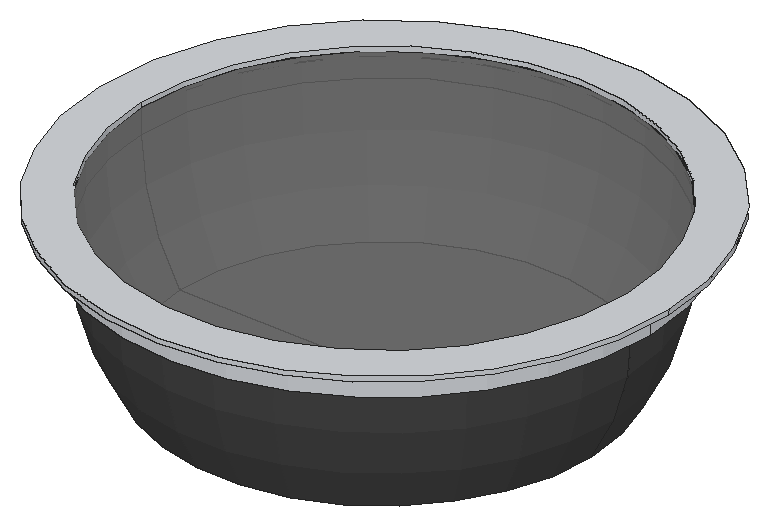
Revit family "3031856 Lighting Fixture_Sylvania_Syl-Lighter II_Ceiling Recessed", category Lighting Fixtures, host Face, Revit 2017
Family settings
  Host = Face
  Round Connector Dimension = Use Diameter
  Part Type = Normal
  OmniClass Number = 23.80.70.11.17
  OmniClass Title = Specialized Lighting by Location or Use
  Cut with Voids When Loaded = No
  Light Source = Yes
  Shared = No
  Room Calculation Point = No
Parameters (values of type "Syl-Lighter LED II 240 RO 25W WW 1-10V")
  Weight = 0.60 kg
  Wattage = 25.2349 W
  built-in parameter 1150110 = 1 (stored number, unit not read)
  Voltage Comments = "UNV (Universal Voltage; 220-240 Volt)"  # constant formula
  Voltage = 240 V  # constant formula
  URL = "http://www.sylvania-lighting.com"
  built-in parameter 1114217 = 1 (stored number, unit not read)
  Tilt Angle = -90.00°  # constant formula
  built-in parameter 1150109 = 1 (stored number, unit not read)
  built-in parameter 1150134 = (empty or 0)
  Ta Rating = "-10°C to +40°C"  # constant formula
  built-in parameter 1150113 = 1 (stored number, unit not read)
  Recessed Depth = Height  # 65.0 mm
  IP Rating = "IP44"  # constant formula
  IK Rating = "IK07"  # constant formula
  Energy Class = "A++, A+, A"  # constant formula
  Dimmable = "DALI"  # constant formula
  Catalog Number = "3031856 Syl-Lighter LED II 240 RO 25W WW 1-10V"
  Body Material = Metal_Sylvania_Syl-Lighter LED II_Silver
  Product Page URL = "http://www.sylvania-lighting.com/product/en-int/products/3031856"
  Product Family = "SYL-LIGHTER LED II"  # constant formula
  Photometry Comments = ""
  Photometric Web File = "3031856.ies"
  built-in parameter 1150105 = 190.19 (stored number, unit not read)
  Lumens = 2390 lm
  built-in parameter 1150115 = 1 (stored number, unit not read)
  built-in parameter 1150137 = (empty or 0)
  built-in parameter 1150139 = (empty or 0)
  Life = "50 000h"  # constant formula
  built-in parameter 1150112 = 1 (stored number, unit not read)
  built-in parameter 1150114 = 1 (stored number, unit not read)
  Lamp Comments = "Integrated LED"
  built-in parameter 1150132 = 2
  built-in parameter 1150102 = (empty or 0)
  built-in parameter 1150107 = 3000 (stored number, unit not read)
  built-in parameter 1150138 = (empty or 0)
  built-in parameter 1150106 = 1.9019 (stored number, unit not read)
  Glow Wire Test = 650 °C  # constant formula
  Emit from Circle Diameter = Diffuser Diameter  # 205.0 mm
  Emit Shape Visible in Rendering = no
  built-in parameter 1150104 = 8.7988 (stored number, unit not read)
  Drive Current = "600mA"
  Dimming Lamp Color Temperature Shift = <None>
  Diffuser Radius = Diffuser Diameter / 2  # 102.5 mm
  Diffuser Diameter = Diameter - 20.0 mm  # 205.0 mm
  Inner Diameter = Diameter - 4.0 mm  # 221.0 mm
  Cutout Diameter = Diameter  # 225.0 mm
  Color Filter = 16777215
  Beam Angle = 74.00°
  built-in parameter 1114218 = 1 (stored number, unit not read)
  built-in parameter 1150133 = 10 (stored number, unit not read)
  Height = 65.0 mm
  Electrical Protection = "CLASS II"  # constant formula
  built-in parameter 1114216 [instance] = 1 (stored number, unit not read)
  Model = "Syl-Lighter LED II 240 RO 25W WW 1-10V"
  Manufacturer = "Feilo Sylvania"  # constant formula
  Lamp = "LED"
  Diffuser Material = Polycarbonate_Sylvania_Syl-Lighter LED II_Opal
  Description = "Ceiling recessed IP44 LED downlight, perfect where limited ceiling void is available with only 65mm product depth and 205mm cutout. Ideal replacement for 2x26W CFL downlights. The polycarbonate diffuser allows for a wider light distribution and increased spacings between luminiares. Loop in loop out connector allows for quick installation. Die-cast aluminium body, 2390LM, 25W, 96lm/W, 4000K, Driver Current: 600mA, CRI80, 74° beam angle, 1-10V dimmable LED driver, IP44, IK07, 50,000 hrs (L70), (HxW) 65x225mm, 5 step MacAdam ellipse, 0.65kg, RAL9003, Class 2, 220-240V, energy class: A++, A+, A"  # constant formula
  Default Elevation = 0.0 mm
  built-in parameter 1140040 [instance] = 1
  Assembly Code = "D5020200"
  Apparent Load Comments = ""
  Apparent Load = 25 VA
  Accessory Radius = Accessory Diameter / 2  # 120.0 mm
  Accessory Material = Aluminum_Sylvania_Syl-Lighter LED II_White_RAL 9003
  Diameter = 225.0 mm
  Accessory Diameter = 240.0 mm
Reference planes
  plane 1 "Center (Front/Back)": y = 0
  plane 2: z = 0
  plane 3 "Center (Left/Right)": x = 0
  plane 4 "Fixture Bottom": z = 2
  plane 5: z = -10
  plane 6 "Fixture Top": z = -65
  plane 7: z = -2
Forms (mm)
  Extrusion 1, void
    sketch origin (0, 0, 58) x (-1, 0, 0) y (0, -1, 0)
      loop
        circle (0, 0) r 112.5
    from -171 to -55
  Extrusion 2, solid, detail levels fine
    sketch origin (0, 0, 58) x (-1, 0, 0) y (0, -1, 0)
      loop
        circle (0, 0) r 112.5
      loop
        circle (0, 0) r 110.5
    from -68 to -58
  Extrusion 3, solid, detail levels fine
    sketch origin (0, 0, 58) x (-1, 0, 0) y (0, -1, 0)
      loop
        circle (0, 0) r 120
      loop
        circle (0, 0) r 102.5
    from -58 to -56
  Extrusion 4, solid, material "Polycarbonate_Sylvania_Syl-Lighter LED II_Opal" <- "Diffuser Material", detail levels fine
    sketch origin (0, 0, 58) x (-1, 0, 0) y (0, -1, 0)
      loop
        circle (0, 0) r 102.5
    from -60 to -58
  Revolve 5, solid, material "Metal_Sylvania_Syl-Lighter LED II_Silver" <- "Body Material", detail levels fine
    sketch origin (0, 0, 0) x (1, 0, 0) y (0, 0, 1)
      loop
        line (-102.5, 0) -> (-104.5, 0) -> (-104.5, -10)
        arc (-104.5, -10) -> (-100.153, -38.784) -> (-87.5, -65) r 97.471
        line (-87.5, -65) -> (0, -65) -> (0, -63) -> (-86.437, -63)
        arc (-86.437, -63) -> (-98.396, -37.69) -> (-102.5, -10) r 95.471
        line (-102.5, -10) -> (-102.5, 0)
      axis (0, -65) -> (0, 0)
    angle from 0 to 360
  Revolve 6, solid, material "Aluminum_Sylvania_Syl-Lighter LED II_White_RAL 9003" <- "Accessory Material", detail levels coarse+medium
    sketch origin (0, 0, 0) x (1, 0, 0) y (0, 0, 1)
      loop
        line (-120, 2) -> (-120, 0) -> (-112.5, 0) -> (-112.5, -10) -> (-104.5, -10)
        arc (-104.5, -10) -> (-100.153, -38.784) -> (-87.5, -65) r 97.471
        line (-87.5, -65) -> (0, -65) -> (0, 2) -> (-120, 2)
      axis (0, 2) -> (0, -65)
    angle from 0 to 360
Cuts and joins
  joined: Extrusion 2, Extrusion 3
Lines and regions (mm)
  Masking region 1
    outline origin (0, 0, 58) x (-1, 0, 0) y (0, -1, 0)
      loop
        circle (0, 0) r 120
  symbolic lines, detail levels fine
    curve 1: arc (-102.5, 0, 58) -> (0, 102.5, 58) -> (102.5, 0, 58) r 102.5
    curve 2: arc (102.5, 0, 58) -> (0, -102.5, 58) -> (-102.5, 0, 58) r 102.5
Dimensions and locks
  locked: plane 4 "Fixture Bottom" to plane 2 at 2
  locked: plane 2 to plane 5 at 10
  "Height": plane 2 to plane 6 "Fixture Top"
  locked: plane 2 to plane 7 at 2
  "Diffuser Radius": plane 3 "Center (Left/Right)" to Revolve 5 sketch curve
  locked: Revolve 5 sketch curve to Revolve 5 sketch curve at 2
  locked: Revolve 5 sketch curve to Revolve 5 sketch curve at 15
  "Accessory Radius": plane 3 "Center (Left/Right)" to Revolve 6 sketch curve
  Revolve 6 sketch curve to Revolve 6 sketch curve to Revolve 6 sketch curve to Revolve 6 sketch curve = 7.5 mm locked, 8.0 mm locked, 17.0 mm locked
  "Cutout Diameter": diameter of Extrusion 1 sketch curve
  "Diameter": diameter of Extrusion 2 sketch curve
  "Inner Diameter": diameter of Extrusion 2 sketch curve
  "Accessory Diameter": diameter of Extrusion 3 sketch curve
  "Diffuser Diameter": diameter of Extrusion 3 sketch curve
  "Diffuser Diameter": diameter of Extrusion 4 sketch curve
  "Accessory Diameter": diameter of Masking region 1 sketch curve
  aligned and locked: host face to plane 2
  aligned and locked: host face to level
  aligned and locked: plane 4 "Fixture Bottom" to Extrusion 3
  aligned and locked: Extrusion 3 to plane 2
  aligned and locked: Extrusion 2 to plane 5
  aligned and locked: Extrusion 2 to plane 2
  aligned and locked: Extrusion 4 to plane 7
  aligned and locked: plane 2 to Extrusion 4
  aligned and locked: Revolve 5 sketch curve to plane 2
  aligned and locked: plane 5 to Revolve 5 sketch curve  (x2)
  aligned and locked: Revolve 5 sketch curve to plane 3 "Center (Left/Right)"
  aligned and locked: plane 3 "Center (Left/Right)" to Revolve 5 sketch curve
  aligned and locked: Revolve 6 sketch curve to plane 5
  aligned and locked: Revolve 6 sketch curve to plane 2
  aligned and locked: Revolve 6 sketch curve to plane 4 "Fixture Bottom"
  aligned and locked: plane 3 "Center (Left/Right)" to Revolve 6 sketch curve
  aligned and locked: Revolve 6 sketch curve to plane 3 "Center (Left/Right)"
  aligned and locked: plane 3 "Center (Left/Right)" to imposter light
  aligned and locked: imposter light to plane 1 "Center (Front/Back)"
  aligned and locked: imposter light to plane 4 "Fixture Bottom"
  aligned and locked: curve 1 to cut or joined group of Extrusion 2, Extrusion 3
Automatic sketch dimensions
  host sketch curve to host sketch curve = 700.0 mm
  host sketch curve to host sketch curve = 620.0 mm
  plane 1 "Center (Front/Back)" to Extrusion 1 sketch curve = 0.0 mm
  Extrusion 1 sketch curve to plane 3 "Center (Left/Right)" = 0.0 mm
  Extrusion 2 sketch curve to Extrusion 2 sketch curve = 0.0 mm  (x2)
  plane 1 "Center (Front/Back)" to Extrusion 2 sketch curve = 0.0 mm
  Extrusion 2 sketch curve to plane 3 "Center (Left/Right)" = 0.0 mm
  Extrusion 3 sketch curve to Extrusion 3 sketch curve = 0.0 mm  (x2)
  plane 1 "Center (Front/Back)" to Extrusion 3 sketch curve = 0.0 mm
  Extrusion 3 sketch curve to plane 3 "Center (Left/Right)" = 0.0 mm
  plane 1 "Center (Front/Back)" to Extrusion 4 sketch curve = 0.0 mm
  Extrusion 4 sketch curve to plane 3 "Center (Left/Right)" = 0.0 mm
  Revolve 5 sketch curve to Revolve 5 sketch curve = 0.0 mm
  Revolve 5 sketch curve to plane 6 "Fixture Top" = 0.0 mm
  plane 6 "Fixture Top" to Revolve 5 sketch curve = 2.0 mm
  Revolve 5 sketch curve to plane 6 "Fixture Top" = 17.111 mm
  plane 4 "Fixture Bottom" to Revolve 5 sketch curve = 20.889 mm
  Revolve 6 sketch curve to plane 6 "Fixture Top" = 0.0 mm
  Revolve 6 sketch curve to Revolve 6 sketch curve = 63.885 mm
  Revolve 6 sketch curve to Revolve 6 sketch curve = 84.115 mm
  plane 1 "Center (Front/Back)" to Masking region 1 sketch curve = 0.0 mm
  Masking region 1 sketch curve to plane 3 "Center (Left/Right)" = 0.0 mm
Connectors
  electrical at (0, 0, -65), driven by "Apparent Load", driven by "Voltage"
    settings: on Revolve 5, index 1, voltage 240 V, apparent load 0 VA, apparent load phase1 25 VA, apparent load phase2 0 VA, apparent load phase3 0 VA, power factor 1, load classification "Lighting", number of poles 1, system type 31, power factor state 1, is connector primary yes, connector utility no, sub classification motor no, connector description ""
